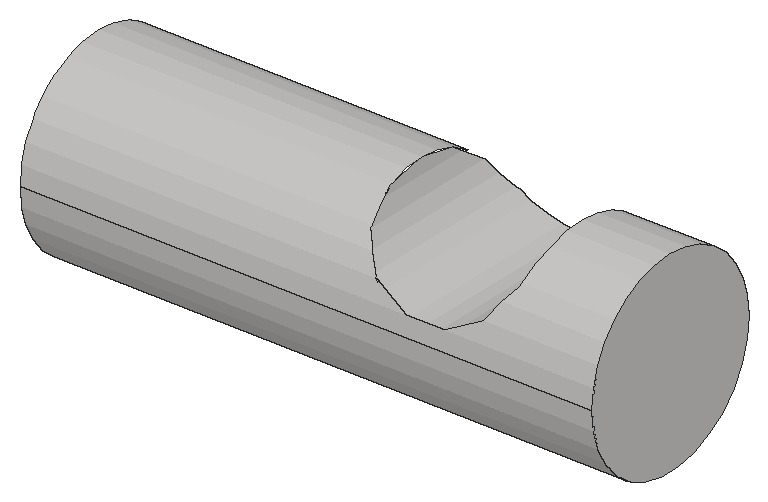
Revit family "SA-3106", category Plumbing Fixtures, Revit 2023
Family settings
  Round Connector Dimension = Use Diameter
  Part Type = Normal
  OmniClass Number = 23.45.00.00
  OmniClass Title = Sanitary, Laundry, and Cleaning Equipment
  Work Plane-Based = No
  Enable Cutting in Views = No
  Always vertical = Yes
  Cut with Voids When Loaded = No
  Maintain Annotation Orientation = No
  Shared = No
  Room Calculation Point = No
Parameters
  Default Elevation = 0"
Reference planes (in)
  plane 1 "Center (Front/Back)": y = 0
  plane 2: z = 0
  plane 3 "Center (Left/Right)": x = 0
  plane 4: z = 0
  plane 5: z = 0.8125
  plane 6: x = 2.375
Forms (in)
  Extrusion 1, solid, material "STAINLESS"
    sketch origin (0, 0, 0) x (0, 1, 0) y (0, 0, 1)
      loop
        circle (0, 0.40625) r 0.40625
    from 0 to 2.375
  Extrusion 2, void
    sketch origin (0, 0, 0) x (1, 0, 0) y (0, 0, 1)
      loop
        circle (1.67633, 0.8125) r 0.33507
    from -0.47865 to 0.90263
Cuts and joins
  Extrusion 2 cuts Extrusion 1
Dimensions and locks (in)
  plane 6 to plane 3 "Center (Left/Right)" = 2 3/8"
  diameter of cut or joined group of Extrusion 1, Extrusion 2 = 13/16"
  aligned and locked: level to plane 2
